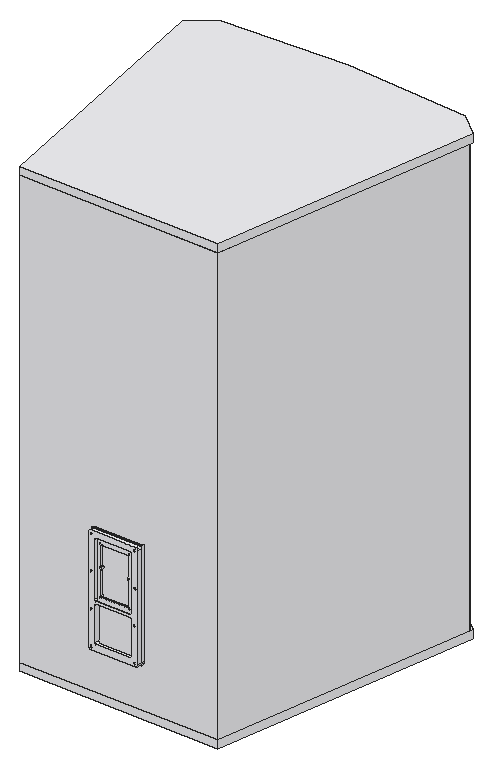
Revit family "EVC-1122-64", category Communication Devices, Revit 2017 (continued)
Definition of nested family "InputPanel_small"
  Lines and regions (mm)
    model lines
      curve 1113: line (-27.412, -4.337, 28.798) -> (-27.982, -4.337, 28.799)
      curve 1114: line (-27.982, -4.337, 28.799) -> (-25.944, -4.337, 31.286)
      curve 1115: line (-22.849, -4.337, 23.874) -> (-22.85, -4.337, 20.831)
      curve 1116: line (-22.85, -4.337, 20.831) -> (-17.426, -4.337, 20.83)
      curve 1117: line (-17.426, -4.337, 20.83) -> (-17.423, -4.337, 46.056)
      curve 1118: line (-17.423, -4.337, 46.056) -> (-22.846, -4.337, 46.056)
      curve 1119: line (-22.846, -4.337, 46.056) -> (-24.27, -4.337, 46.056)
      curve 1120: line (-24.27, -4.337, 46.056) -> (-21.157, -4.337, 46.184)
      curve 1121: line (-21.157, -4.337, 46.184) -> (-21.035, -4.337, 46.361)
      curve 1122: line (-24.273, -4.337, 20.831) -> (-22.85, -4.337, 20.831)
      curve 1123: line (-16.642, -4.337, 39.451) -> (-16.643, -4.337, 33.939)
      curve 1124: line (-16.643, -4.337, 33.939) -> (-12.428, -4.337, 33.939)
      curve 1125: line (-12.428, -4.337, 33.939) -> (-12.427, -4.337, 39.451)
      curve 1126: line (-12.427, -4.337, 39.451) -> (-16.642, -4.337, 39.451)
      curve 1127: line (-12.427, -4.337, 40.047) -> (-12.426, -4.337, 45.558)
      curve 1128: line (-12.426, -4.337, 45.558) -> (-16.641, -4.337, 45.559)
      curve 1129: line (-16.641, -4.337, 45.559) -> (-16.642, -4.337, 40.047)
      curve 1130: line (-16.642, -4.337, 40.047) -> (-12.427, -4.337, 40.047)
      curve 1131: line (-17.1, -4.337, 20.83) -> (-17.097, -4.337, 46.055)
      curve 1132: line (-17.097, -4.337, 46.055) -> (-11.97, -4.337, 46.055)
      curve 1133: line (-11.97, -4.337, 46.055) -> (-11.974, -4.337, 20.83)
      curve 1134: line (-11.974, -4.337, 20.83) -> (-17.1, -4.337, 20.83)
      curve 1135: line (-17.1, -4.337, 20.83) -> (-17.426, -4.337, 20.83)
      curve 1136: line (-16.644, -4.337, 26.839) -> (-16.644, -4.337, 21.327)
      curve 1137: line (-16.644, -4.337, 21.327) -> (-12.429, -4.337, 21.326)
      curve 1138: line (-12.429, -4.337, 21.326) -> (-12.428, -4.337, 26.838)
      curve 1139: line (-12.428, -4.337, 26.838) -> (-16.644, -4.337, 26.839)
      curve 1140: line (-12.428, -4.337, 27.434) -> (-12.428, -4.337, 32.946)
      curve 1141: line (-12.428, -4.337, 32.946) -> (-16.643, -4.337, 32.946)
      curve 1142: line (-16.643, -4.337, 32.946) -> (-16.644, -4.337, 27.434)
      curve 1143: line (-16.644, -4.337, 27.434) -> (-12.428, -4.337, 27.434)
      curve 1144: line (-17.097, -4.337, 46.055) -> (-17.423, -4.337, 46.056)
      curve 1145: line (-17.423, -4.337, 46.056) -> (-14.161, -4.337, 46.183)
      curve 1146: line (-14.161, -4.337, 46.183) -> (-14.039, -4.337, 46.36)
      curve 1147: line (-14.039, -4.337, 46.36) -> (-17.172, -4.337, 46.36)
      curve 1148: line (-17.172, -4.337, 46.36) -> (-17.294, -4.337, 46.183)
      curve 1149: line (-16.642, -4.337, 38.284) -> (-15.234, -4.337, 38.284)
      curve 1150: line (-15.234, -4.337, 38.284) -> (-14.908, -4.337, 38.972)
      curve 1151: line (-14.908, -4.337, 38.972) -> (-14.523, -4.337, 39.451)
      curve 1152: line (-16.644, -4.337, 25.672) -> (-15.235, -4.337, 25.671)
      curve 1153: line (-15.235, -4.337, 25.671) -> (-14.91, -4.337, 26.36)
      curve 1154: line (-14.91, -4.337, 26.36) -> (-14.525, -4.337, 26.838)
      curve 1155: line (-16.644, -4.337, 28.601) -> (-15.235, -4.337, 28.601)
      curve 1156: line (-15.235, -4.337, 28.601) -> (-14.91, -4.337, 27.913)
      curve 1157: line (-14.91, -4.337, 27.913) -> (-14.525, -4.337, 27.434)
      curve 1158: line (-16.642, -4.337, 41.214) -> (-15.234, -4.337, 41.214)
      curve 1159: line (-15.234, -4.337, 41.214) -> (-14.908, -4.337, 40.526)
      curve 1160: line (-14.908, -4.337, 40.526) -> (-14.523, -4.337, 40.047)
      curve 1161: line (-16.643, -4.337, 31.978) -> (-15.235, -4.337, 31.978)
      curve 1162: line (-15.235, -4.337, 31.978) -> (-14.909, -4.337, 32.666)
      curve 1163: line (-14.909, -4.337, 32.666) -> (-14.684, -4.337, 32.946)
      curve 1164: line (-16.642, -4.337, 44.591) -> (-15.233, -4.337, 44.59)
      curve 1165: line (-15.233, -4.337, 44.59) -> (-14.908, -4.337, 45.278)
      curve 1166: line (-14.908, -4.337, 45.278) -> (-14.682, -4.337, 45.559)
      curve 1167: line (-16.643, -4.337, 34.908) -> (-15.234, -4.337, 34.907)
      curve 1168: line (-15.234, -4.337, 34.907) -> (-14.909, -4.337, 34.219)
      curve 1169: line (-14.684, -4.337, 33.939) -> (-14.909, -4.337, 34.219)
      curve 1170: line (-14.909, -4.337, 34.219) -> (-14.908, -4.337, 38.972)
      curve 1171: line (-16.644, -4.337, 22.295) -> (-15.236, -4.337, 22.295)
      curve 1172: line (-15.236, -4.337, 22.295) -> (-14.911, -4.337, 21.607)
      curve 1173: line (-14.911, -4.337, 21.607) -> (-14.91, -4.337, 26.36)
      curve 1174: line (-14.685, -4.337, 21.327) -> (-14.911, -4.337, 21.607)
      curve 1175: line (-15.235, -4.337, 28.601) -> (-15.235, -4.337, 31.978)
      curve 1176: line (-15.234, -4.337, 41.214) -> (-15.233, -4.337, 44.59)
      curve 1177: line (-15.235, -4.337, 25.671) -> (-15.236, -4.337, 22.295)
      curve 1178: line (-15.234, -4.337, 38.284) -> (-15.234, -4.337, 34.907)
      curve 1179: line (-17.172, -4.337, 46.36) -> (-17.172, -4.337, 46.622)
      curve 1180: line (-17.172, -4.337, 46.622) -> (-14.039, -4.337, 46.621)
      curve 1181: line (-14.039, -4.337, 46.621) -> (-14.039, -4.337, 46.36)
      curve 1182: line (-17.172, -4.337, 46.622) -> (-17.753, -4.337, 46.622)
      curve 1183: line (-17.753, -4.337, 46.622) -> (-17.753, -4.337, 46.36)
      curve 1184: line (-17.753, -4.337, 46.36) -> (-17.631, -4.337, 46.183)
      curve 1185: line (-13.525, -4.337, 40.047) -> (-13.524, -4.337, 45.558)
      curve 1186: line (-13.527, -4.337, 27.434) -> (-13.526, -4.337, 32.946)
      curve 1187: line (-13.527, -4.337, 21.326) -> (-13.527, -4.337, 26.838)
      curve 1188: line (-13.526, -4.337, 33.939) -> (-13.525, -4.337, 39.451)
      curve 1189: line (-14.91, -4.337, 27.913) -> (-14.909, -4.337, 32.666)
      curve 1190: line (-14.908, -4.337, 40.526) -> (-14.908, -4.337, 45.278)
      curve 1191: line (-24.168, -4.337, 46.361) -> (-24.29, -4.337, 46.184)
      curve 1192: line (-24.168, -4.337, 46.622) -> (-24.168, -4.337, 46.361)
      curve 1193: line (-24.168, -4.337, 46.361) -> (-21.035, -4.337, 46.361)
      curve 1194: line (-21.035, -4.337, 46.361) -> (-21.035, -4.337, 46.622)
      curve 1195: line (-21.035, -4.337, 46.622) -> (-24.168, -4.337, 46.622)
      curve 1196: line (-24.168, -4.337, 46.622) -> (-24.749, -4.337, 46.623)
      curve 1197: line (-24.749, -4.337, 46.623) -> (-24.749, -4.337, 46.361)
      curve 1198: line (-24.749, -4.337, 46.361) -> (-24.627, -4.337, 46.184)
      curve 1199: line (-50.251, -4.337, 21.031) -> (-50.248, -4.337, 45.862)
      curve 1200: line (-50.193, -4.337, 45.807) -> (-50.196, -4.337, 21.086)
      curve 1201: line (-49.239, -4.337, 46.871) -> (-11.796, -4.337, 46.867)
      curve 1202: line (-11.851, -4.337, 46.812) -> (-49.184, -4.337, 46.816)
      curve 1203: line (-10.787, -4.337, 45.858) -> (-10.79, -4.337, 21.027)
      curve 1204: line (-10.79, -4.337, 21.029) -> (-10.842, -4.337, 45.803)
      curve 1205: line (-11.799, -4.337, 20.018) -> (-49.243, -4.337, 20.022)
      curve 1206: line (-49.188, -4.337, 20.077) -> (-11.854, -4.337, 20.073)
      curve 1207: line (-32.649, -4.337, 30.292) -> (-31.03, -4.337, 30.291)
      curve 1208: line (-31.03, -4.337, 30.291) -> (-30.696, -4.337, 30.291)
      curve 1209: line (-32.65, -4.337, 23.985) -> (-31.031, -4.337, 23.985)
      curve 1210: line (-31.031, -4.337, 23.985) -> (-30.698, -4.337, 23.985)
      curve 1211: line (-32.649, -4.337, 36.598) -> (-31.029, -4.337, 36.598)
      curve 1212: line (-31.029, -4.337, 36.598) -> (-30.696, -4.337, 36.598)
      curve 1213: line (-32.648, -4.337, 42.904) -> (-31.028, -4.337, 42.904)
      curve 1214: line (-31.028, -4.337, 42.904) -> (-30.695, -4.337, 42.904)
      curve 1215: line (-28.39, -4.337, 36.597) -> (-30.009, -4.337, 36.598)
      curve 1216: line (-30.009, -4.337, 36.598) -> (-30.343, -4.337, 36.598)
      curve 1217: line (-28.389, -4.337, 42.904) -> (-30.008, -4.337, 42.904)
      curve 1218: line (-30.008, -4.337, 42.904) -> (-30.341, -4.337, 42.904)
      curve 1219: line (-28.39, -4.337, 30.291) -> (-30.01, -4.337, 30.291)
      curve 1220: line (-30.01, -4.337, 30.291) -> (-30.343, -4.337, 30.291)
      curve 1221: line (-28.391, -4.337, 23.985) -> (-30.011, -4.337, 23.985)
      curve 1222: line (-30.011, -4.337, 23.985) -> (-30.344, -4.337, 23.985)
Definition of nested family "L-EV"
  Parameters (values of type "L-EV")
    Material = ""
    Default Elevation = 1219.20 mm
  Reference planes
    plane 1 "Center (Front/Back)": y = 0
    plane 2: z = 0
    plane 3 "Center (Left/Right)": x = 0
  Forms (mm)
    Extrusion 1, solid, not visible
      sketch origin (18.736, -0.5, -73.012) x (1, 0, 0) y (0, 0, 1)
        loop
          arc (-38.866, 94.012) -> (-39.481, 93.758) -> (-39.736, 93.143) r 0.869
          line (-39.736, 93.143) -> (-39.736, 52.882)
          arc (-39.736, 52.882) -> (-39.481, 52.267) -> (-38.866, 52.012) r 0.869
          line (-38.866, 52.012) -> (1.395, 52.012)
          arc (1.395, 52.012) -> (2.01, 52.267) -> (2.264, 52.882) r 0.869
          line (2.264, 52.882) -> (2.264, 93.143)
          arc (2.264, 93.143) -> (2.01, 93.758) -> (1.395, 94.012) r 0.869
          line (1.395, 94.012) -> (-38.866, 94.012)
      from 0 to -0.5
    Extrusion 2, solid, detail levels fine
      sketch origin (18.736, 4, -73.24) x (1, 0, 0) y (0, 0, 1)
        loop
          line (-37.736, 92.24) -> (-37.736, 54.24) -> (0.264, 54.24) -> (0.264, 92.24) -> (-37.736, 92.24)
        loop
          line (-33.659, 85.319) -> (-33.659, 66.596) -> (-21.783, 66.596) -> (-21.783, 70.665) -> (-29.2, 70.665) -> (-29.2, 73.924) -> (-21.783, 73.924) -> (-21.783, 77.992) -> (-29.2, 77.992) -> (-29.2, 81.251) -> (-21.783, 81.251) -> (-21.783, 85.319) -> (-33.659, 85.319)
        loop
          line (-20.026, 77.992) -> (-20.026, 73.924) -> (-17.153, 73.924) -> (-17.153, 59.688) -> (-12.74, 59.688) -> (-2.619, 82.277) -> (-7.421, 82.277) -> (-12.694, 70.408) -> (-12.694, 77.992) -> (-20.026, 77.992)
      from 4.5 to 5
    Extrusion 3, solid, detail levels medium+fine
      sketch origin (0, 0, 0) x (1, 0, 0) y (0, 0, 1)
        loop
          line (19.816, 21) -> (-19.816, 21)
          arc (-19.816, 21) -> (-20.653, 20.653) -> (-21, 19.816) r 1.184
          line (-21, 19.816) -> (-21, -19.816)
          arc (-21, -19.816) -> (-20.653, -20.653) -> (-19.816, -21) r 1.184
          line (-19.816, -21) -> (19.816, -21)
          arc (19.816, -21) -> (20.653, -20.653) -> (21, -19.816) r 1.184
          line (21, -19.816) -> (21, 19.816)
          arc (21, 19.816) -> (20.653, 20.653) -> (19.816, 21) r 1.184
      from -1 to 0.5
Definition of nested family "2D_CabinetLoudspeaker"
  Parameters (values of type "LoudSpeaker")
    Pan2D [instance] = 0.00°
  Reference planes
    plane 1: y = 0
    plane 2: x = 0
  Lines and regions (mm)
    Masking region 1
      outline origin (0, 0, 0) x (0, -1, 0) y (1, 0, 0)
        loop
          circle (0, 0) r 4.2
    detail lines
      curve 1: line (1.484, 2.897, 0) -> (1.484, 1.008, 0)
      curve 2: line (-1.484, 2.897, 0) -> (1.484, 2.897, 0)
      curve 3: line (-1.484, 1.008, 0) -> (-1.484, 2.897, 0)
      curve 4: line (1.484, 1.008, 0) -> (3.102, -1.911, 0)
      curve 5: line (3.102, -1.911, 0) -> (-3.102, -1.911, 0)
      curve 6: line (-3.102, -1.911, 0) -> (-1.484, 1.008, 0)
      curve 8: line (-1.484, 1.008, 0) -> (1.484, 1.008, 0)
    reference lines
      curve 7: line (0, 0, 0) -> (0, -10.967, 0)
  Dimensions and locks
    "Pan2D": angle curve 7 to plane 2
    aligned and locked: curve 8 to curve 4
    aligned and locked: curve 8 to curve 3
    aligned and locked: curve 1 to curve 8
    aligned and locked: curve 6 to curve 8
    aligned and locked: plane 2 to curve 7
    aligned and locked: plane 1 to curve 7
  Automatic sketch dimensions
    Masking region 1 sketch curve to curve 7 = 0.00 mm  (x2)
    curve 3 to curve 7 = 2.897 mm
    curve 3 to curve 7 = 1.008 mm
    curve 4 to curve 7 = 1.008 mm
    curve 7 to curve 5 = 1.911 mm
    curve 6 to curve 7 = 3.102 mm
    curve 7 to curve 2 = 1.484 mm
    curve 7 to curve 1 = 1.484 mm
    curve 7 to curve 4 = 3.102 mm
    radius of Masking region 1 sketch curve = 4.20 mm
Types (5, lengths in mm): name | ModelNumber | MaterialRALColour | LoudspeakerMaterial | GrillMaterial | CTN
  (no name) | "F.01U.329.284" | "RAL9010" | 13-plyWeather-resistantBirchEVCoat -RAL9010 | 16GA Powder-coatedGalvanneal - W | "EVC112264PIW"
  EVC112264B_12"_Speaker_60x45_Black | "F.01U.329.281" | "RAL9004" | 13-plyWeather-resistantBirchEVCoat -RAL9004 | 16GA Powder-coatedGalvanneal - B | "EVC112264B"
  EVC112264PIB_12"_Speaker_60x45_Black | "F.01U.329.283" | "RAL9004" | 13-plyWeather-resistantBirchEVCoat -RAL9004 | 16GA Powder-coatedGalvanneal - B | "EVC112264PIB"
  EVC112264W_12"_Speaker_60x45_White | "F.01U.329.282" | "RAL9010" | 13-plyWeather-resistantBirchEVCoat -RAL9010 | 16GA Powder-coatedGalvanneal - W | "EVC112264W"
  EVC112264PIW_12"_Speaker_60x45_White | "F.01U.329.284" | "RAL9010" | 13-plyWeather-resistantBirchEVCoat -RAL9010 | 16GA Powder-coatedGalvanneal - W | "EVC112264PIW"
